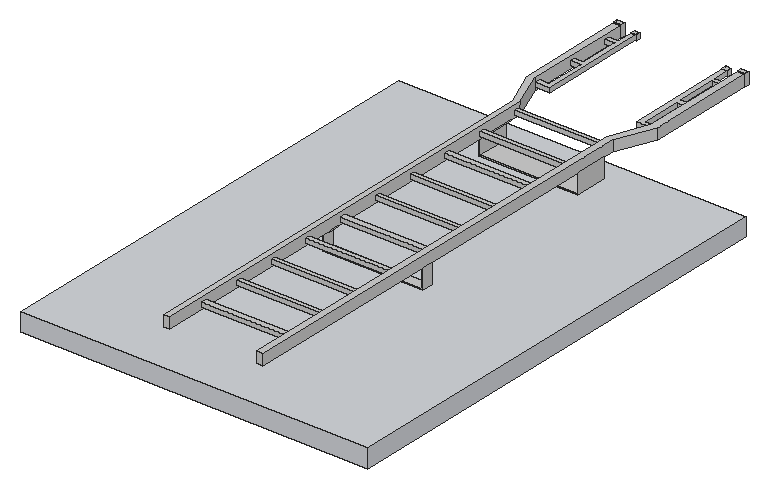
Revit family
Parameters (values of type "Standard")
  Version = "1"
  Top of Decking [instance] = 10' - 0"
  Top Support Offset from Decking [instance] = 0' - 6 5/8"  # constant formula
  Series = "Access Ladders"
  Rungs Quantity Control [instance] = if(Top of Decking - Off Floor Clearance - 0' 1 1/4" - ((Rungs Quantity - 1) * 1' 0") > 1' 2", Rungs Quantity + 1, Rungs Quantity)  # 10
  Rungs Quantity [instance] = (Top of Decking - Off Floor Clearance) / 1' 0"  # 10
  Wall To Center Line Of Ladder [instance] = 0' - 7"
  URL = "http://www.okeeffes.com/"
  Product Page URL = "http://www.okeeffes.com/ladders/details/lad504.pdf"
  Overall Width [instance] = Ladder Width + 0' 8 1/2" + (0' 1 3/4" * 2)  # 3' - 0"
  Overall Height [instance] = Top of Decking + 3' 6"  # 13' - 6"
  On Floor Support [instance] = not(Off Floor Support)  # yes
  Model = "504"
  Middle Support Offset from Floor [instance] = if(Off Floor Support, (Top of Decking - Top Support Offset from Decking + Bottom Support Offset from Floor) / 2, (Top of Decking - Top Support Offset from Decking) / 2)  # 4' - 8 11/16"
  Manufacturer = "O'Keeffe's, Inc."  # constant formula
  Ladder Width [instance] = 2' - 0"
  Off Floor Support [instance] = no
  Off Floor Clearance [instance] = if(Off Floor Support, 0' 4", 0' 0")  # 0' - 0"
  Ladder Material = Aluminum-O'Keeffe's-Standard Mill Finish
  Description = "Tubular Rail Low Parapet Access Ladder with Walk Through Rail Extension "
  Default Elevation = 0' - 0"
  Bottom Support Offset from Floor [instance] = 1' - 4"
Reference planes (in)
  plane 1 "Top of Parapet": y = 63.6915
  plane 2: z = 0
  plane 3 "Center (Left/Right)": x = 0
  plane 4: x = -12
  plane 5: x = 12
  plane 6: x = 13.75
  plane 7: x = -13.75
  plane 8 "Center of Ladder": z = 7
  plane 9 "Bottom": y = -56.3085
  plane 10 "Lower Rung": y = -40.3085
  plane 11 "Clearance": y = -56.3085
  plane 12: z = 8.5
  plane 13: y = 57.0665
  plane 14 "Top": y = 105.6915
  plane 15: y = 87.6915
  plane 16: y = 75.6915
  plane 17: y = 99.6915
  plane 18: z = 7.5
  plane 19: y = 0.379
  plane 20: x = -18
  plane 21: x = 18
  plane 22: z = 5.5
  plane 23: z = 5.5
Forms (in)
  Extrusion 1, solid
    sketch origin (0, 0, 0) x (1, 0, 0) y (0, 1, 0)
      loop
        line (-48, 67.6915) -> (-48, -62.96955) -> (48, -62.96955) -> (48, 67.6915) -> (-48, 67.6915)
    from 0 to -5
  Extrusion 2, solid, material "Aluminum-O'Keeffe's-Standard Mill Finish", detail levels fine
    sketch origin (-18, 105.6915, 0) x (-1, 0, 0) y (0, 0, 1)
      loop
        line (-36.125, 8.625) -> (-36.125, 5.375) -> (-34.125, 5.375) -> (-34.125, 8.625) -> (-36.125, 8.625)
      loop
        line (0.125, 5.375) -> (0.125, 8.625) -> (-1.875, 8.625) -> (-1.875, 5.375) -> (0.125, 5.375)
      loop
        line (-4.625, 7.75) -> (-6.125, 7.75) -> (-6.125, 6.25) -> (-4.625, 6.25) -> (-4.625, 7.75)
      loop
        line (-31.375, 7.75) -> (-31.375, 6.25) -> (-29.875, 6.25) -> (-29.875, 7.75) -> (-31.375, 7.75)
    from 0.1875 to -1
  Sweep 3, solid, material "Aluminum-O'Keeffe's-Standard Mill Finish" <- "Ladder Material"
    path origin (0, 0, 0) x (1, 0, 0) y (0, 1, 0)
      loop
        line (-18, 105.6915) -> (-18, 74.59775) -> (-13.75, 64.41025) -> (-13.75, -56.3085)
    profile origin (-13.75, 4.05087, 0) x (1, 0, 0) y (0, 0, 1)
      loop
        line (0, 5.5) -> (1.75, 5.5) -> (1.75, 8.5) -> (0, 8.5) -> (0, 5.5)
  Sweep 4, solid, material "Aluminum-O'Keeffe's-Standard Mill Finish" <- "Ladder Material"
    path origin (0, 0, 0) x (-1, 0, 0) y (0, 1, 0)
      loop
        line (-18, 105.6915) -> (-18, 74.59775) -> (-13.75, 64.41025) -> (-13.75, -56.3085)
    profile origin (13.75, 4.05087, 0) x (1, 0, 0) y (0, 0, 1)
      loop
        line (0, 5.5) -> (0, 8.5) -> (-1.75, 8.5) -> (-1.75, 5.5) -> (0, 5.5)
  Sweep 5, solid, material "Aluminum-O'Keeffe's-Standard Mill Finish" <- "Ladder Material"
    path origin (0, 63.6915, 0) x (1, 0, 0) y (0, 0, 1)
      loop
        line (0, 7.625) -> (0, 6.375)
    profile origin (0, 63.6915, 7) x (0, -1, 0) y (1, 0, 0)
      loop
        line (-11.375, -12) -> (-42, -12) -> (-42, -13.25) -> (-36.625, -13.25) -> (-36.625, -16.25) -> (-35.375, -16.25) -> (-35.375, -13.25) -> (-24.625, -13.25) -> (-24.625, -16.25) -> (-23.375, -16.25) -> (-23.375, -13.25) -> (-12.625, -13.25) -> (-12.625, -16.25) -> (-11.375, -16.25) -> (-11.375, -12)
      loop
        line (-11.375, 12) -> (-11.375, 16.25) -> (-12.625, 16.25) -> (-12.625, 13.5) -> (-23.375, 13.5) -> (-23.375, 16.25) -> (-24.625, 16.25) -> (-24.625, 13.5) -> (-35.375, 13.5) -> (-35.375, 16.25) -> (-36.625, 16.25) -> (-36.625, 13.25) -> (-42, 13.25) -> (-42, 12) -> (-11.375, 12)
  Sweep 6, solid, material "Aluminum-O'Keeffe's-Standard Mill Finish" <- "Ladder Material"
    path origin (0, 0, 0) x (0, 1, 0) y (0, 0, 1)
      loop
        line (52.5665, 0) -> (61.5665, 0)
    profile origin (0, 57.0665, 0) x (0, 0, 1) y (1, 0, 0)
      loop
        line (5.5, -13.75) -> (5.5, -12) -> (5.3125, -12) -> (5.3125, -13.5625) -> (0.1875, -13.5625) -> (0.1875, 13.5625) -> (5.3125, 13.5625) -> (5.3125, 12) -> (5.5, 12) -> (5.5, 13.75) -> (0, 13.75) -> (0, -13.75) -> (5.5, -13.75)
  Sweep 7, solid, material "Aluminum-O'Keeffe's-Standard Mill Finish" <- "Ladder Material", visible <- "Off Floor Support"
    path origin (0, -87, 0) x (0, 1, 0) y (0, 0, 1)
      loop
        line (42.1915, 0) -> (51.1915, 0)
    profile origin (0, -40.3085, 0) x (0, 0, 1) y (1, 0, 0)
      loop
        line (5.5, -13.75) -> (5.5, -12) -> (5.3125, -12) -> (5.3125, -13.5625) -> (0.1875, -13.5625) -> (0.1875, 13.5625) -> (5.3125, 13.5625) -> (5.3125, 12) -> (5.5, 12) -> (5.5, 13.75) -> (0, 13.75) -> (0, -13.75) -> (5.5, -13.75)
  Sweep 8, solid, material "Aluminum-O'Keeffe's-Standard Mill Finish" <- "Ladder Material"
    path origin (0, 0, 0) x (1, 0, 0) y (0, 1, 0)
      loop
        line (0, 1.879) -> (0, -1.121)
    profile origin (0, 0.379, 0) x (1, 0, 0) y (0, 0, 1)
      loop
        line (13.75, 0) -> (13.75, 5.5) -> (12, 5.5) -> (12, 5.3125) -> (13.5625, 5.3125) -> (13.5625, 0.1875) -> (-13.5625, 0.1875) -> (-13.5625, 5.3125) -> (-12, 5.3125) -> (-12, 5.5) -> (-13.75, 5.5) -> (-13.75, 0) -> (13.75, 0)
Lines and regions (in)
  Masking region 1
    outline origin (0, 63.6915, 0) x (1, 0, 0) y (0, 0, 1)
      loop
        line (-13.5625, 5.3125) -> (-12, 5.3125) -> (-12, 5.5) -> (-13.75, 5.5) -> (-13.75, 0) -> (13.75, 0) -> (13.75, 5.5) -> (12, 5.5) -> (12, 5.3125) -> (13.5625, 5.3125) -> (13.5625, 0.1875) -> (-13.5625, 0.1875) -> (-13.5625, 5.3125)
  Masking region 2
    outline origin (0, 63.6915, 0) x (1, 0, 0) y (0, 0, 1)
      loop
        line (-16.125, 8.625) -> (-18.125, 8.625) -> (-18.125, 5.375) -> (-16.125, 5.375) -> (-16.125, 5.5) -> (-12, 5.5) -> (-12, 6.375) -> (12, 6.375) -> (12, 5.5) -> (16.125, 5.5) -> (16.125, 5.375) -> (18.125, 5.375) -> (18.125, 8.625) -> (16.125, 8.625) -> (16.125, 8.5) -> (12, 8.5) -> (12, 7.625) -> (-12, 7.625) -> (-12, 8.5) -> (-16.125, 8.5) -> (-16.125, 8.625)
  symbolic lines, detail levels medium+fine
    curve 1: line (-16.125, 63.6915, 5.375) -> (-16.125, 63.6915, 8.625)
    curve 4: line (16.125, 63.6915, 8.625) -> (16.125, 63.6915, 5.375)
    curve 7: line (-12, 63.6915, 5.5) -> (-12, 63.6915, 8.5)
    curve 8: line (12, 63.6915, 8.5) -> (12, 63.6915, 5.5)
  symbolic lines, detail levels fine
    curve 2: line (-16.125, 63.6915, 7.625) -> (-12, 63.6915, 7.625)
    curve 3: line (-12, 63.6915, 6.375) -> (-16.125, 63.6915, 6.375)
    curve 5: line (12, 63.6915, 7.625) -> (16.125, 63.6915, 7.625)
    curve 6: line (12, 63.6915, 6.375) -> (16.125, 63.6915, 6.375)
    curve 9: line (-13.25, 63.6915, 7.625) -> (-13.25, 63.6915, 6.375)
    curve 10: line (13.5, 63.6915, 7.625) -> (13.5, 63.6915, 6.375)
Dimensions and locks (in)
  equal spacing: plane 4, plane 3 "Center (Left/Right)", plane 5
  "Ladder Width": plane 4 to plane 5
  "Wall To Center Line Of Ladder": plane 8 "Center of Ladder" to Extrusion 1
  "Bottom Support Offset from Floor": plane 10 "Lower Rung" to plane 9 "Bottom"
  "Off Floor Clearance": plane 11 "Clearance" to plane 9 "Bottom"
  locked: plane 12 to plane 8 "Center of Ladder" at 1.5
  "Top Support Offset from Decking": plane 13 to plane 1 "Top of Parapet"
  locked: Sweep 3 sketch curve to Sweep 3 sketch curve at 3
  locked: plane 12 to plane 18 at 1
  plane 8 "Center of Ladder" to plane 18 = 0' - 0 1/2"
  "Top of Decking": plane 1 "Top of Parapet" to plane 9 "Bottom"
  locked: Extrusion 2 sketch curve to plane 12 at 0.125  (x2)
  plane 17 to plane 15 to plane 16 = 1' - 0" locked, 1' - 0" locked
  locked: plane 1 "Top of Parapet" to plane 14 "Top" at 42
  locked: plane 1 "Top of Parapet" to plane 16 at 12
  locked: plane 1 "Top of Parapet" to Sweep 3 sketch curve at 0.71875
  locked: plane 16 to Sweep 3 sketch curve at 1.09375
  locked: plane 20 to plane 7 at 4.25
  locked: plane 6 to plane 21 at 4.25
  locked: plane 14 "Top" to Extrusion 2 at 1
  locked: Extrusion 2 to plane 14 "Top" at 0.1875
  locked: plane 21 to Extrusion 2 sketch curve at 0.125
  locked: plane 8 "Center of Ladder" to Extrusion 2 sketch curve at 1.625  (x2)
  locked: Extrusion 2 sketch curve to plane 21 at 1.875
  locked: plane 20 to Extrusion 2 sketch curve at 0.125
  locked: plane 20 to Extrusion 2 sketch curve at 1.875
  locked: Sweep 5 sketch curve to plane 8 "Center of Ladder" at 0.625
  locked: plane 8 "Center of Ladder" to Sweep 5 sketch curve at 0.625
  locked: Extrusion 2 sketch curve to plane 18 at 0.25  (x2)
  locked: plane 8 "Center of Ladder" to Extrusion 2 sketch curve at 0.75  (x2)
  locked: Extrusion 2 sketch curve to plane 4 at 0.125
  locked: Extrusion 2 sketch curve to plane 4 at 1.375
  locked: plane 5 to Extrusion 2 sketch curve at 0.125
  locked: plane 6 to Extrusion 2 sketch curve at 0.375
  locked: Sweep 6 sketch curve to plane 13 at 4.5
  locked: plane 13 to Sweep 6 sketch curve at 4.5
  locked: Sweep 7 sketch curve to plane 10 "Lower Rung" at 4.5
  locked: plane 10 "Lower Rung" to Sweep 7 sketch curve at 4.5
  equal spacing: group 1, group 2, group 3, group 4, group 5, group 6, group 7, group 8, group 9, group 10  (x2)
  equal spacing: group 10, group 9, group 8, group 7, group 6, group 5, group 4, group 3, group 2, group 1
  locked: nested 2 to nested 1 at 12
  locked: plane 12 to Sweep 4 sketch curve at 3
  locked: Sweep 8 sketch curve to Sweep 8 sketch curve at 3
  equal spacing: Sweep 8 sketch curve, plane 19, Sweep 8 sketch curve, locked at 1.5 each
  locked: plane 22 to plane 8 "Center of Ladder" at 1.5
  locked: Sweep 8 sketch curve to plane 22 at 0.1875  (x2)
  locked: plane 6 to Sweep 8 sketch curve at 0.1875
  locked: Sweep 8 sketch curve to plane 7 at 0.1875
  "Middle Support Offset from Floor": plane 19 to plane 9 "Bottom"
  locked: plane 6 to Sweep 6 sketch curve at 0.1875
  locked: plane 7 to Sweep 6 sketch curve at 0.1875
  locked: plane 2 to Sweep 6 sketch curve at 0.1875
  locked: plane 23 to plane 8 "Center of Ladder" at 1.5
  locked: Sweep 6 sketch curve to plane 23 at 0.1875  (x2)
  equal spacing: plane 6, profile plane, plane 7  (x2)
  locked: plane 7 to plane 4 at 1.75
  locked: plane 5 to plane 6 at 1.75
  aligned and locked: plane 2 to Extrusion 1
  aligned and locked: level to Extrusion 1
  aligned and locked: plane 11 "Clearance" to Sweep 3 sketch curve
  aligned and locked: Sweep 3 sketch curve to plane 12
  aligned and locked: plane 8 "Center of Ladder" to nested 1
  aligned and locked: Sweep 3 sketch curve to plane 7  (x2)
  aligned and locked: plane 14 "Top" to Sweep 3 sketch curve
  aligned and locked: Sweep 3 sketch curve to plane 20
  aligned and locked: Sweep 4 sketch curve to plane 6  (x2)
  aligned and locked: plane 21 to Sweep 4 sketch curve
  aligned and locked: plane 14 "Top" to Sweep 4 sketch curve
  aligned and locked: Sweep 5 sketch curve to plane 3 "Center (Left/Right)"
  aligned and locked: plane 4 to Sweep 5 sketch curve
  aligned and locked: Sweep 5 sketch curve to Sweep 3  (x3)
  aligned and locked: Sweep 5 sketch curve to plane 14 "Top"
  aligned and locked: plane 5 to Sweep 5 sketch curve
  aligned and locked: plane 14 "Top" to Sweep 5 sketch curve
  aligned and locked: Sweep 4 to Sweep 5 sketch curve  (x3)
  aligned and locked: Sweep 6 sketch curve to Sweep 3
  aligned and locked: profile plane to Sweep 6 sketch curve
  aligned and locked: plane 6 to Sweep 6 sketch curve
  aligned and locked: plane 4 to Sweep 6 sketch curve
  aligned and locked: plane 5 to Sweep 6 sketch curve
  aligned and locked: profile plane to Sweep 7 sketch curve
  aligned and locked: Sweep 6 sketch curve to level
  aligned and locked: Sweep 7 sketch curve to level
  aligned and locked: plane 7 to Sweep 7 sketch curve
  aligned and locked: Sweep 3 to Sweep 7 sketch curve
  aligned and locked: Sweep 7 sketch curve to Sweep 4
  aligned and locked: Sweep 7 sketch curve to plane 6
  aligned and locked: plane 11 "Clearance" to Sweep 4 sketch curve
  aligned and locked: Masking region 1 sketch curve to Sweep 7  (x11)
  aligned and locked: Extrusion 1 to Masking region 1 sketch curve
  aligned and locked: Masking region 2 sketch curve to Sweep 3
  aligned and locked: Sweep 3 to Masking region 2 sketch curve
  aligned and locked: Masking region 2 sketch curve to Sweep 4
  aligned and locked: Sweep 5 to curve 2
  aligned and locked: Sweep 5 to curve 3
  aligned and locked: Sweep 5 to curve 5
  aligned and locked: Sweep 5 to curve 6
  aligned and locked: Sweep 3 to curve 3
  aligned and locked: Sweep 3 to curve 2
  aligned and locked: plane 5 to curve 5
  aligned and locked: Masking region 2 sketch curve to Sweep 5
  aligned and locked: Sweep 5 to Masking region 2 sketch curve
  aligned and locked: plane 4 to Masking region 2 sketch curve
  aligned and locked: Masking region 2 sketch curve to plane 5  (x2)
  aligned and locked: curve 7 to Sweep 3
  aligned and locked: curve 8 to Sweep 4
  aligned and locked: nested 1 to plane 1 "Top of Parapet"
  aligned and locked: plane 8 "Center of Ladder" to nested 10
  aligned and locked: plane 5 to Sweep 4 sketch curve
  aligned and locked: profile plane to plane 6
  aligned and locked: profile plane to plane 7
  aligned and locked: plane 4 to Sweep 3 sketch curve
  aligned and locked: Masking region 2 sketch curve to Extrusion 2  (x8)
  aligned and locked: plane 12 to Masking region 2 sketch curve  (x2)
  aligned and locked: Extrusion 2 to Masking region 2 sketch curve
  aligned and locked: curve 9 to Sweep 5
  aligned and locked: curve 10 to Sweep 5
  aligned and locked: Sweep 5 to curve 10  (x2)
  aligned and locked: Sweep 5 to curve 9  (x2)
  aligned and locked: profile plane to plane 2
  aligned and locked: plane 6 to Sweep 8 sketch curve
  aligned and locked: plane 5 to Sweep 8 sketch curve
  aligned and locked: plane 2 to Sweep 8 sketch curve
  aligned and locked: plane 7 to Sweep 8 sketch curve
  aligned and locked: plane 4 to Sweep 8 sketch curve
  aligned and locked: plane 22 to Sweep 8 sketch curve
  aligned and locked: Sweep 8 sketch curve to Sweep 6
  aligned and locked: Sweep 8 sketch curve to plane 22
  aligned and locked: Sweep 8 sketch curve to plane 3 "Center (Left/Right)"
  aligned and locked: plane 23 to Sweep 6 sketch curve  (x2)
  aligned and locked: plane 3 "Center (Left/Right)" to nested 1
  aligned and locked: plane 3 "Center (Left/Right)" to nested 10
Automatic sketch dimensions
  Extrusion 1 sketch curve to Extrusion 1 sketch curve = 8' - 0"
  Extrusion 1 sketch curve to Extrusion 1 sketch curve = 10' - 10.66105"
  plane 1 "Top of Parapet" to Sweep 4 sketch curve = 0' - 0 23/32"
  plane 16 to Sweep 4 sketch curve = 0' - 1 3/32"
  Sweep 4 sketch curve to Sweep 4 sketch curve = 0' - 3"
  curve 8 to plane 12 = 0' - 0"
  curve 7 to plane 12 = 0' - 0"
  plane 20 to curve 1 = 0' - 1 7/8"
  plane 12 to curve 4 = 0' - 0 1/8"
  plane 21 to curve 4 = 0' - 1 7/8"
  curve 8 to curve 6 = 0' - 0 7/8"
  curve 7 to curve 3 = 0' - 0 7/8"
  curve 1 to curve 3 = 0' - 1"
  curve 4 to curve 6 = 0' - 1"
  plane 12 to curve 1 = 0' - 0 1/8"
  Sweep 5 sketch curve to Sweep 5 sketch curve = 0' - 0"  (x4)
  Sweep 5 sketch curve to Sweep 5 sketch curve = 0' - 5 3/8"  (x2)
  Sweep 5 sketch curve to Sweep 5 sketch curve = 0' - 1 1/4"  (x8)
  Sweep 5 sketch curve to Sweep 5 sketch curve = 0' - 10 3/4"  (x4)
  Sweep 5 sketch curve to Sweep 5 sketch curve = 0' - 2 3/4"
  Sweep 7 sketch curve to profile plane = 0' - 0 3/16"
  Sweep 7 sketch curve to Sweep 7 sketch curve = 0' - 0 3/16"  (x4)
  Sweep 7 sketch curve to Sweep 7 sketch curve = 0' - 1 9/16"
  Sweep 7 sketch curve to Sweep 7 sketch curve = 0' - 1 3/4"
  plane 20 to Masking region 2 sketch curve = 0' - 1 7/8"
  plane 7 to curve 9 = 0' - 0 1/2"
Nested families (in)
  nested 1: "Ladder-O'Keeffe's-Rung" at (0, 63.0665, 6.375), Tread Material <- "Ladder Material", type "Standard"
    with Tread Material Aluminum-O'Keeffe's-Standard Mill Finish, Width 2' - 0"
  nested 2: "Ladder-O'Keeffe's-Rung" at (0, 51.0665, 6.375), Tread Material <- "Ladder Material", type "Standard"
    with Tread Material Aluminum-O'Keeffe's-Standard Mill Finish, Width 2' - 0"
  nested 3: "Ladder-O'Keeffe's-Rung" at (0, 39.0665, 6.375), Tread Material <- "Ladder Material", type "Standard"
    with Tread Material Aluminum-O'Keeffe's-Standard Mill Finish, Width 2' - 0"
  nested 4: "Ladder-O'Keeffe's-Rung" at (0, 27.0665, 6.375), Tread Material <- "Ladder Material", type "Standard"
    with Tread Material Aluminum-O'Keeffe's-Standard Mill Finish, Width 2' - 0"
  nested 5: "Ladder-O'Keeffe's-Rung" at (0, 15.0665, 6.375), Tread Material <- "Ladder Material", type "Standard"
    with Tread Material Aluminum-O'Keeffe's-Standard Mill Finish, Width 2' - 0"
  nested 6: "Ladder-O'Keeffe's-Rung" at (0, 3.0665, 6.375), Tread Material <- "Ladder Material", type "Standard"
    with Tread Material Aluminum-O'Keeffe's-Standard Mill Finish, Width 2' - 0"
  nested 7: "Ladder-O'Keeffe's-Rung" at (0, -8.9335, 6.375), Tread Material <- "Ladder Material", type "Standard"
    with Tread Material Aluminum-O'Keeffe's-Standard Mill Finish, Width 2' - 0"
  nested 8: "Ladder-O'Keeffe's-Rung" at (0, -20.9335, 6.375), Tread Material <- "Ladder Material", type "Standard"
    with Tread Material Aluminum-O'Keeffe's-Standard Mill Finish, Width 2' - 0"
  nested 9: "Ladder-O'Keeffe's-Rung" at (0, -32.9335, 6.375), Tread Material <- "Ladder Material", type "Standard"
    with Tread Material Aluminum-O'Keeffe's-Standard Mill Finish, Width 2' - 0"
  nested 10: "Ladder-O'Keeffe's-Rung" at (0, -44.9335, 6.375), Tread Material <- "Ladder Material", type "Standard"
    with Tread Material Aluminum-O'Keeffe's-Standard Mill Finish, Width 2' - 0"
Definition of nested family "Ladder-O'Keeffe's-Rung"
  Parameters (values of type "Standard")
    Width = 1' - 6"
    Tread Material [instance] = none
    Default Elevation = 4' - 0"
    Assembly Code = ""
  Reference planes (in)
    plane 1 "Center (Front/Back)": y = 0
    plane 2: z = 0
    plane 3 "Center (Left/Right)": x = 0
    plane 4: y = 0.625
    plane 5: y = -0.625
    plane 6: x = -9
    plane 7: x = 9
    plane 8: z = 1.25
    plane 9: z = 0.625
  Forms (in)
    Sweep 1, solid, material <- "Tread Material"
      path origin (0, 0, 0) x (1, 0, 0) y (0, 1, 0)
        loop
          line (-9, 0) -> (9, 0)
      profile origin (0, 0, 0) x (0, 1, 0) y (0, 0, 1)
        loop
          line (0.625, 1.25) -> (-0.625, 1.25) -> (-0.625, 0) -> (0.625, 0) -> (0.625, 1.25)
  Dimensions and locks (in)
    equal spacing: plane 6, plane 3 "Center (Left/Right)", plane 7
    "Width": plane 6 to plane 7
    locked: plane 8 to plane 2 at 1.25
    equal spacing: plane 4, plane 1 "Center (Front/Back)", plane 5
    locked: plane 4 to plane 5 at 1.25
    equal spacing: plane 8, plane 9, level, locked at 0.625 each
    aligned and locked: plane 2 to level
    aligned and locked: plane 6 to Sweep 1 sketch curve
    aligned and locked: plane 7 to Sweep 1 sketch curve
    aligned and locked: plane 1 "Center (Front/Back)" to Sweep 1 sketch curve
    aligned and locked: profile plane to Sweep 1 sketch curve
    aligned and locked: Sweep 1 sketch curve to plane 8
  Automatic sketch dimensions
    profile plane to Sweep 1 sketch curve = 0' - 0 5/8"
    Sweep 1 sketch curve to profile plane = 0' - 0 5/8"
